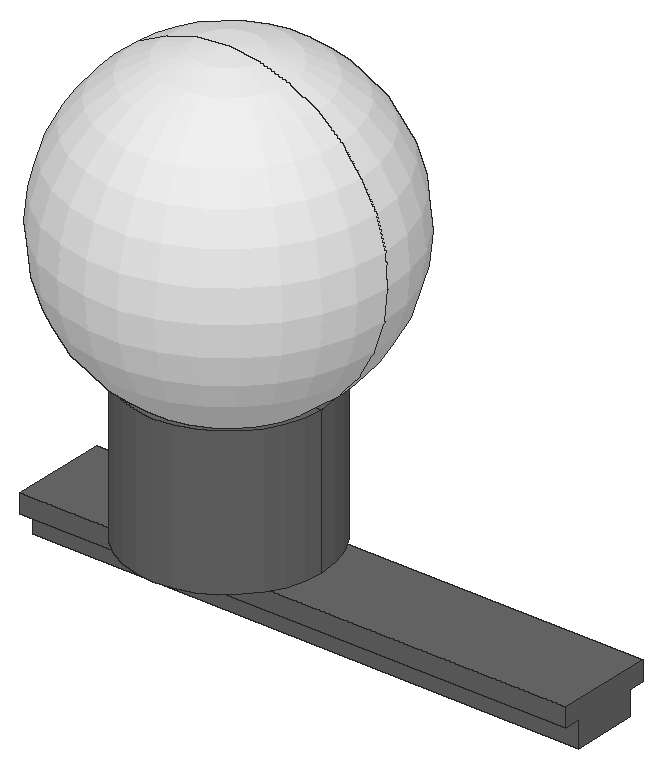
Revit family "ARKOSLIGHT_Alaska 24V", category Lighting Fixtures, host Face, Revit 2019
Family settings
  Host = Face
  Round Connector Dimension = Use Diameter
  Part Type = Normal
  Cut with Voids When Loaded = No
  Light Source = No
  Shared = No
  Room Calculation Point = No
Parameters (values of type "A3850000N - ALASKA 24V 2700K")
  URL = "https://www.arkoslight.com/en/product/alk24v-es/alk24v1-es/"
  Model = ARKOSLIGHT_Model  # "MINIMAL TRACK"
  Manufacturer = "ARKOSLIGHT"  # constant formula
  IES = IES : A3850000N - ALASKA 24V 2700K
  ARKOSLIGHT_Wattage = 3.5 W
  ARKOSLIGHT_IP = "20"
  ARKOSLIGHT_Series = "ALASKA 24V"  # constant formula
  ARKOSLIGHT_Dimming = "No Dim"
  ARKOSLIGHT_Model = "MINIMAL TRACK"  # constant formula
  ARKOSLIGHT_Reference = "A3850000N"
  ARKOSLIGHT_Luminous flux = 390 lm
  ARKOSLIGHT_IES = "A385-00-00 ALASKA 24V 2700K CRI90.ies"
  ARKOSLIGHT_Color = "Black"
  ARKOSLIGHT_Fixture Type = "TRACKLIGHTS"  # constant formula
  ARKOSLIGHT_Efficiency = "30%"
  ARKOSLIGHT_CCT = 2700 K
  ARKOSLIGHT_CRI = "CRI>90"
  ARKOSLIGHT_Beam Angle = 21.00°
  ARKOSLIGHT_Body Color = ARKOSLIGHT_Black
  Default Elevation = 0 mm
  Apparent Load = ARKOSLIGHT_Apparent Load  # 3.5 VA
  ARKOSLIGHT_Apparent Load = 3.5 VA
Types (2, lengths in mm): name | IES | ARKOSLIGHT_Reference | ARKOSLIGHT_Luminous flux | ARKOSLIGHT_IES | ARKOSLIGHT_CCT
  A3850000N - ALASKA 24V 2700K | IES : A3850000N - ALASKA 24V 2700K | "A3850000N" | 390 lm | "A385-00-00 ALASKA 24V 2700K CRI90.ies" | 2700 K
  A3850001N - ALASKA 24V 3000K | IES : A3850001N - ALASKA 24V 3000K | "A3850001N" | 410 lm | "A385-00-01 ALASKA 24V 3000K CRI90.ies" | 3000 K
Reference planes
  plane 1 "Center (Front/Back)": y = 0
  plane 2: z = 0
  plane 3 "Center (Left/Right)": x = 0
  plane 4: z = 30.019
  plane 5: z = 76.02
  plane 6: z = 7
Forms (mm)
  Revolve 1, solid, material "ARKOSLIGHT_Black" <- "ARKOSLIGHT_Body Color"
    sketch origin (0, 0, -2044.609) x (1, 0, 0) y (0, 0, 1)
      loop
        line (0, 2074.629) -> (0, 2051.609) -> (14.784, 2051.609) -> (14.784, 2074.629) -> (0, 2074.629)
      axis (0, 2074.629) -> (0, 2051.609)
    angle from 0 to 360
  Revolve 2, solid, material "ARKOSLIGHT_Optical Glass"
    sketch origin (0, 0, -2044.609) x (1, 0, 0) y (0, 0, 1)
      loop
        line (0, 2120.701) -> (0, 2119.901)
        arc (0, 2119.901) -> (23.905, 2100.236) -> (9.217, 2072.988) r 24.362
        arc (9.217, 2072.988) -> (9.227, 2072.561) -> (9.236, 2072.134) r 164.13
        arc (9.236, 2072.134) -> (24.719, 2100.24) -> (0, 2120.701) r 25.162
      axis (0, 2120.701) -> (0, 2072.134)
    angle from 0 to 360
  Extrusion 3, solid, material "ARKOSLIGHT_Black"
    sketch origin (0, 0, 0) x (0, 1, 0) y (0, 0, 1)
      loop
        line (5, 0) -> (5, 3.821) -> (7.522, 3.821) -> (7.522, 7) -> (-7.522, 7) -> (-7.522, 4) -> (-5, 4) -> (-5, 0) -> (5, 0)
    from -26.765 to 59.187
  Revolve 4, solid, material "ARKOSLIGHT_Light"
    sketch origin (0, 0, -2044.609) x (1, 0, 0) y (0, 0, 1)
      loop
        line (0, 2104.629) -> (0, 2070.377)
        arc (0, 2070.377) -> (4.701, 2070.82) -> (9.236, 2072.134) r 25.162
        arc (9.236, 2072.134) -> (8.371, 2085.984) -> (6.338, 2099.712) r 164.13
        arc (6.338, 2099.712) -> (4.097, 2103.366) -> (0, 2104.629) r 6.071
      axis (0, 2104.629) -> (0, 2070.377)
    angle from 0 to 360
Dimensions and locks
  locked: plane 5 to plane 4 at 46.001
  locked: plane 4 to plane 6 at 23.019
  locked: plane 6 to plane 2 at 7
  equal spacing: Extrusion 3 sketch curve, plane 1 "Center (Front/Back)", Extrusion 3 sketch curve  (x2)
  locked: Extrusion 3 sketch curve to Extrusion 3 sketch curve at 10
  locked: Extrusion 3 sketch curve to Extrusion 3 sketch curve at 15.044
  Extrusion 3 sketch curve to plane 2 = 4 mm
  locked: plane 6 to Extrusion 3 sketch curve at 3
  aligned and locked: plane 2 to host face
  aligned and locked: level to host face
  aligned and locked: plane 4 to Revolve 1 sketch curve
  aligned and locked: Revolve 1 sketch curve to plane 6
  aligned and locked: plane 6 to Extrusion 3 sketch curve
  aligned and locked: Extrusion 3 sketch curve to plane 2
Nested families
  nested 1: "IES" at (0, 0, 76.02), type <- "IES", type "A3850000N - ALASKA 24V 2700K"
Connectors
  electrical at (0, 0, 0), driven by "Apparent Load"
    settings: on host face, index 1, voltage 230 V, apparent load 0 VA, apparent load phase1 3.5 VA, apparent load phase2 0 VA, apparent load phase3 0 VA, power factor 1, load classification "Lighting", number of poles 1, system type 31, power factor state 1, is connector primary yes, connector utility no, sub classification motor no, connector description ""
Definition of nested family "IES"
  Parameters (values of type "A3850001N - ALASKA 24V 3000K")
    Wattage = 3.5 W
    built-in parameter 1150110 = 1 (stored number, unit not read)
    URL = "https://www.arkoslight.com/en/product/alk24v-es/alk24v1-es/"
    built-in parameter 1114217 = 1 (stored number, unit not read)
    Tilt Angle = 90.00°
    built-in parameter 1150109 = 1 (stored number, unit not read)
    built-in parameter 1150134 = 3
    built-in parameter 1150113 = 1 (stored number, unit not read)
    Photometric Web File = "A385-00-01 ALASKA 24V 3000K CRI90.ies"
    Model = ARKOSLIGHT_Model  # "MINIMAL TRACK"
    Manufacturer = "ARKOSLIGHT"  # constant formula
    built-in parameter 1150105 = 109.82 (stored number, unit not read)
    Lumens = 410 lm
    built-in parameter 1150115 = 1 (stored number, unit not read)
    built-in parameter 1150137 = (empty or 0)
    built-in parameter 1150139 = (empty or 0)
    built-in parameter 1150112 = 1 (stored number, unit not read)
    built-in parameter 1150114 = 1 (stored number, unit not read)
    built-in parameter 1150132 = (empty or 0)
    built-in parameter 1150102 = (empty or 0)
    built-in parameter 1150107 = 3000 (stored number, unit not read)
    built-in parameter 1150138 = (empty or 0)
    built-in parameter 1150106 = 1.0982 (stored number, unit not read)
    built-in parameter 1150104 = 13.8 (stored number, unit not read)
    Dimming Lamp Color Temperature Shift = (empty or 0)
    Color Filter = 16777215
    built-in parameter 1114218 = 1 (stored number, unit not read)
    built-in parameter 1150133 = 10 (stored number, unit not read)
    ARKOSLIGHT_Wattage = 3.5 W
    ARKOSLIGHT_IP = "20"
    ARKOSLIGHT_Series = "ALASKA 24V"  # constant formula
    ARKOSLIGHT_Dimming = "No Dim"
    ARKOSLIGHT_Model = "MINIMAL TRACK"  # constant formula
    ARKOSLIGHT_Reference = "A3850001N"
    ARKOSLIGHT_Luminous flux = 410 lm
    ARKOSLIGHT_IES = "A385-00-01 ALASKA 24V 3000K CRI90.ies"
    ARKOSLIGHT_Fixture Type = "TRACKLIGHTS"  # constant formula
    ARKOSLIGHT_Efficiency = "30%"
    ARKOSLIGHT_CCT = 3000 K
    ARKOSLIGHT_CRI = "CRI>90"
    ARKOSLIGHT_Beam Angle = 21.00°
    Default Elevation = 0 mm
    Apparent Load = ARKOSLIGHT_Apparent Load  # 3.5 VA
    ARKOSLIGHT_Apparent Load = 3.5 VA
  Types (2, lengths in mm): name | Photometric Web File | Lumens | built-in parameter 1150107 | ARKOSLIGHT_Reference | ARKOSLIGHT_Luminous flux | ARKOSLIGHT_IES | ARKOSLIGHT_CCT
    A3850000N - ALASKA 24V 2700K | "A385-00-00 ALASKA 24V 2700K CRI90.ies" | 390 lm | 2700 (stored number, unit not read) | "A3850000N" | 390 lm | "A385-00-00 ALASKA 24V 2700K CRI90.ies" | 2700 K
    A3850001N - ALASKA 24V 3000K | "A385-00-01 ALASKA 24V 3000K CRI90.ies" | 410 lm | 3000 (stored number, unit not read) | "A3850001N" | 410 lm | "A385-00-01 ALASKA 24V 3000K CRI90.ies" | 3000 K
  Reference planes
    plane 1 "Center (Front/Back)": y = 0
    plane 2: z = 0
    plane 3 "Center (Left/Right)": x = 0
  Forms (mm)
    Extrusion 1, solid
      sketch origin (0, 0, 0) x (1, 0, 0) y (0, 1, 0)
        loop
          line (-2671.573, 2770.811) -> (-2671.573, -1219.2) -> (1219.2, -1219.2) -> (1219.2, 2770.811) -> (-2671.573, 2770.811)
      from 0 to -110
  Dimensions and locks
    aligned and locked: plane 2 to Extrusion 1
    aligned and locked: level to Extrusion 1
